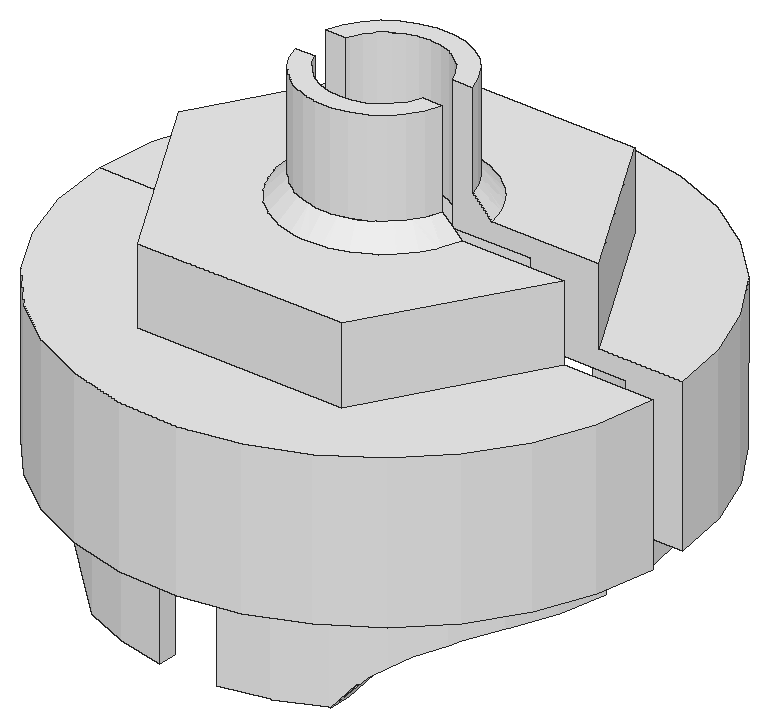
Revit family "Adapter_Giacomini_014G0263_RFA", category Pipe Accessories, Revit 2017
Family settings
  Round Connector Dimension = Use Diameter
  Part Type = Normal
  Work Plane-Based = No
  Always vertical = Yes
  Cut with Voids When Loaded = No
  Shared = No
Parameters (values of type "Adapter_Giacomini_014G0263")
  Model = "014G0263"
  Manufacturer = "Danfoss"  # constant formula
  H3 = 4 mm
  H2 = 8 mm
  H1 = 5 mm
  H = 23 mm
  Description = "Adapter_Giacomini"
  D = 30 mm
Reference planes
  plane 1 "Center (Front/Back)": y = 0
  plane 2: z = 0
  plane 3 "Center (Left/Right)": x = 0
  plane 4: z = 23
  plane 5: z = 5
  plane 6: x = 15
  plane 7: x = -15
  plane 8: z = 17
  plane 9: z = 13
Forms (mm)
  Revolve 1, solid, material "Plastic - Danfoss - White"
    sketch origin (0, 0, 0) x (1, 0, 0) y (0, 0, 1)
      loop
        line (-13, 0) -> (0, 0) -> (0, 23) -> (-4, 23) -> (-4, 18) -> (-6, 16) -> (-8, 16) -> (-8, 13) -> (-15, 13) -> (-15, 5) -> (-13, 5) -> (-13, 0)
      axis (0, 23) -> (0, 0)
    angle from 0 to 360
  Extrusion 2, solid, material "Plastic - Danfoss - White"
    sketch origin (0, 0, 0) x (1, 0, 0) y (0, 1, 0)
      loop
        line (-5.608, 9.5) -> (-10.97, 0.214) -> (-5.361, -9.5) -> (5.361, -9.5) -> (10.97, 0.214) -> (5.608, 9.5) -> (-5.608, 9.5)
    from 13 to 17
  Revolve 3, void
    sketch origin (0, 0, 0) x (1, 0, 0) y (0, 0, 1)
      loop
        line (-3, 23) -> (-3, 16) -> (-7, 16) -> (-7, 12) -> (-12, 12) -> (-12, 0) -> (0, 0) -> (0, 23) -> (-3, 23)
      axis (0, 23) -> (0, 0)
    angle from 0 to 360
  Extrusion 4, void
    sketch origin (0, 0, 0) x (1, 0, 0) y (0, 0, 1)
      loop
        line (-15, 0) -> (-6.3, 0)
        arc (-6.3, 0) -> (-8.899, 2.421) -> (-12.34, 3.3) r 7.178
        line (-12.34, 3.3) -> (-15, 3.3) -> (-15, 0)
      loop
        line (15, 0) -> (15, 3.3) -> (12.34, 3.3)
        arc (12.34, 3.3) -> (8.899, 2.421) -> (6.3, 0) r 7.178
        line (6.3, 0) -> (15, 0)
    from -20 to 20
  Extrusion 5, void
    sketch origin (0, 0, 0) x (1, 0, 0) y (0, 1, 0)
      loop
        line (-16.5, 1.5) -> (-16.5, -1.5) -> (-1.5, -1.5) -> (-1.5, -16.5) -> (1.5, -16.5) -> (1.5, -1.5) -> (16.5, -1.5) -> (16.5, 1.5) -> (1.5, 1.5) -> (1.5, 16.5) -> (-1.5, 16.5) -> (-1.5, 1.5) -> (-16.5, 1.5)
    from 0 to 5
  Extrusion 6, void
    sketch origin (0, 0, 0) x (0, 1, 0) y (0, 0, 1)
      loop
        line (-1, 0) -> (1, 0) -> (1, 23) -> (-1, 23) -> (-1, 0)
    from -1.5 to 16
  Extrusion 7, void
    sketch origin (0, 0, 0) x (0, 1, 0) y (0, 0, 1)
      loop
        line (-1, 23) -> (-1, 18) -> (1, 18) -> (1, 23) -> (-1, 23)
    from -5.608 to 16
Cuts and joins
  Revolve 3, Extrusion 4, Extrusion 5, Extrusion 6, Extrusion 7 cuts Revolve 1
  Revolve 3, Extrusion 5, Extrusion 6, Extrusion 7 cuts Extrusion 2
  joined: Revolve 1, Extrusion 2
Dimensions and locks
  equal spacing: plane 6, plane 3 "Center (Left/Right)", plane 7
  "D": plane 6 to plane 7
  "H": plane 4 to level
  "H1": plane 5 to level
  "H2": plane 9 to plane 5
  "H3": plane 8 to plane 9
  Revolve 1 sketch curve to Revolve 1 sketch curve = 4 mm
  Revolve 1 sketch curve to Revolve 1 sketch curve = 8 mm
  Revolve 1 sketch curve to Revolve 1 sketch curve = 15 mm
  Revolve 1 sketch curve to Revolve 1 sketch curve = 13 mm
  Revolve 1 sketch curve to Revolve 1 sketch curve = 2.828 mm
  Extrusion 2 sketch curve to Extrusion 2 sketch curve = 19 mm  (x3)
  equal spacing: Extrusion 2 sketch curve, plane 1 "Center (Front/Back)", Extrusion 2 sketch curve
  equal spacing: Extrusion 2 sketch curve, plane 3 "Center (Left/Right)", Extrusion 2 sketch curve
  Revolve 3 sketch curve to Revolve 3 sketch curve = 3 mm
  Revolve 3 sketch curve to Revolve 3 sketch curve = 7 mm
  Revolve 3 sketch curve to Revolve 3 sketch curve = 12 mm
  plane 8 to Revolve 3 sketch curve = 1 mm
  Revolve 1 to Revolve 3 sketch curve = 1 mm
  Extrusion 4 sketch curve to Extrusion 4 sketch curve = 3.3 mm
  equal spacing: Extrusion 6 sketch curve, plane 1 "Center (Front/Back)", Extrusion 6 sketch curve
  plane 4 to Revolve 1 sketch curve = 5 mm
  Revolve 1 sketch curve to Revolve 1 sketch curve = 2 mm
  Extrusion 7 sketch curve to plane 8 = 1 mm
  angle Extrusion 2 sketch curve to Extrusion 2 sketch curve = 120.00°  (x3)
  aligned and locked: level to plane 2
  aligned and locked: Revolve 1 sketch curve to level
  aligned and locked: Revolve 1 sketch curve to plane 7
  aligned and locked: Revolve 1 sketch curve to plane 4
  aligned and locked: Revolve 1 sketch curve to plane 9
  aligned and locked: Revolve 1 sketch curve to plane 5
  aligned and locked: Extrusion 2 to plane 9
  aligned and locked: plane 8 to Extrusion 2
  aligned and locked: Revolve 3 sketch curve to plane 4
  aligned and locked: Revolve 3 sketch curve to plane 3 "Center (Left/Right)"
  aligned and locked: Revolve 3 sketch curve to level
  aligned and locked: Extrusion 4 sketch curve to level
  aligned and locked: Extrusion 4 sketch curve to plane 7
  aligned and locked: plane 5 to Extrusion 5
  aligned and locked: Extrusion 5 to level
  aligned and locked: Extrusion 6 sketch curve to plane 4
  aligned and locked: Extrusion 6 sketch curve to level
  aligned and locked: Extrusion 7 sketch curve to plane 4
  aligned and locked: cut or joined group of Revolve 1, Extrusion 2, Revolve 3, Extrusion 4, Extrusion 5, Extrusion 6, Extrusion 7 to Extrusion 7 sketch curve
  aligned and locked: Extrusion 7 sketch curve to cut or joined group of Revolve 1, Extrusion 2, Revolve 3, Extrusion 4, Extrusion 5, Extrusion 6, Extrusion 7
Automatic sketch dimensions
  Extrusion 2 sketch curve to plane 1 "Center (Front/Back)" = 0.214 mm
  Revolve 3 sketch curve to plane 3 "Center (Left/Right)" = 0 mm
  Revolve 3 sketch curve to level = 0 mm
  Revolve 3 sketch curve to plane 4 = 0 mm
  Extrusion 4 sketch curve to level = 0 mm
  Extrusion 4 sketch curve to plane 6 = 0 mm
  plane 7 to Extrusion 4 sketch curve = 2.66 mm
  Extrusion 4 sketch curve to plane 3 "Center (Left/Right)" = 6.3 mm
  plane 3 "Center (Left/Right)" to Extrusion 4 sketch curve = 6.3 mm
  Extrusion 4 sketch curve to plane 6 = 2.66 mm
  Extrusion 4 sketch curve to level = 3.878 mm
  plane 1 "Center (Front/Back)" to Extrusion 5 sketch curve = 1.5 mm  (x2)
  Extrusion 5 sketch curve to plane 7 = 1.5 mm
  plane 6 to Extrusion 5 sketch curve = 1.5 mm
  Extrusion 5 sketch curve to plane 1 "Center (Front/Back)" = 1.5 mm  (x2)
  Extrusion 5 sketch curve to Extrusion 5 sketch curve = 15 mm  (x2)
  Extrusion 5 sketch curve to plane 3 "Center (Left/Right)" = 1.5 mm  (x2)
  plane 3 "Center (Left/Right)" to Extrusion 5 sketch curve = 1.5 mm  (x2)
  plane 1 "Center (Front/Back)" to Extrusion 6 sketch curve = 1 mm
  Revolve 1 sketch curve to plane 3 "Center (Left/Right)" = 0 mm
  Revolve 1 sketch curve to level = 0 mm
  Revolve 1 sketch curve to plane 4 = 0 mm
